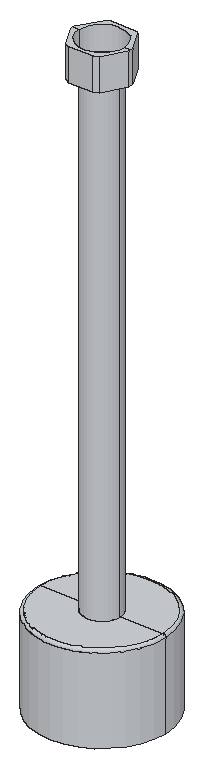
Revit family "Urinal-Pipes-KOHLER-Exposed-K-2384T_1", category Plumbing Fixtures, host Face, Revit 2021
Family settings
  Host = Face
  Round Connector Dimension = Use Diameter
  Part Type = Normal
  OmniClass Number = 23.31.25.00
  OmniClass Title = Toilet and Bath Specialties
  Cut with Voids When Loaded = No
  Shared = No
  Room Calculation Point = No
Parameters (values of type "CP-Polished Chrome")
  Width = 2 73/256"  # constant formula
  WaterSense Certified = 1 = 0  # no
  Waste Water Outlet = "Waste Water Outlet"  # constant formula
  Waste Connection = 1 = 0  # no
  Vent Connection = 1 = 0  # no
  URL = "http://www.kohler.com.cn/"
  Type = 1
  Rough-In = 0"
  Product Page URL = ""
  Product Name = "Exposed"  # constant formula
  Product Documentation Link = ""
  Pressure = 0.00 psi
  Model = "K-2348T-NA"  # constant formula
  Material = "Premium Metal Construction"  # constant formula
  Master Format 2014 Name = "Residential Urinals"  # constant formula
  Master Format 2014 = "22 41 13.16"  # constant formula
  Manufacturer Address = "444 Highland Dr, Kohler, WI 53044"  # constant formula
  Manufacturer = "Kohler Co."  # constant formula
  Length = 2 73/256"  # constant formula
  Hot Water Inlet = "Hot Water Inlet"  # constant formula
  Height = 10 183/256"  # constant formula
  HW Connection = 1 = 0  # no
  Flush Rate- LPF = "LPF"  # constant formula
  Flush Rate- GPF = "GPF"  # constant formula
  Flow Rate = 0 GPM
  Finish = Kohler-Metal-CP-Polished_Chrome
  Environmental Product Declaration = ""
  Description = "Urinal Sensor Unbent Pipe"  # constant formula
  Default Elevation = 36"
  Declare Label = ""
  Date Modified = "04/13/2023"  # constant formula
  Date Created = "04/13/2023"  # constant formula
  Copyright = "Copyright Kohler Co."  # constant formula
  Contact Us = "http://www.kohler.com.cn/contact/contact-us/"
  Cold Water Outlet = "Cold Water Outlet"  # constant formula
  Cold Water Inlet = "Cold Water Inlet"  # constant formula
  CW Connection = 1 = 1  # yes
  Assembly Code = "D2010200"
  ADA Compliant = 1 = 0  # no
Reference planes (in)
  plane 1 "Center (Front/Back)": y = 0
  plane 2: z = 0
  plane 3 "Center (Left/Right)": x = 0
  plane 4: x = 1.14173
  plane 5: x = -1.14342
  plane 6: y = -1.14173
  plane 7: y = 1.14342
  plane 8: x = -0.31496
  plane 9: x = 0.31496
  plane 10: z = 10.71484
Dimensions and locks (in)
  plane 10 to level = 10 183/256"
  "Length": plane 5 to plane 4
  "Width": plane 6 to plane 7
  "Height": level to plane 10
  aligned and locked: plane 2 to host face
  aligned and locked: level to host face
  aligned and locked: plane 1 "Center (Front/Back)" to nested 1
  aligned and locked: plane 3 "Center (Left/Right)" to nested 1
Automatic sketch dimensions
  host sketch curve to host sketch curve = 96"  (x2)
Nested families (in)
  nested 1: "K-2384T" at (0, 0, 0), type "K-2384T"
Connectors (in)
  piping at (0, 0, 0), diameter 0.5, driven by "CW Connection", driven by "Cold Water Outlet"
    settings: on nested 1, index 1, connector inside diameter 24", connector length 0", flow factor 0, pipe flow 0 GPM, pressure drop 0.00 psi, fitting loss kfactor 0, connector angle 0.00°, fixture units 0, engagement length 0", angle of deflection 0.00°, flow configuration 0, flow direction 2, fitting loss method 0, system type 20, joint type 0, gender type 0, connector reference index -1, connector utility 1, adjustable connector no, is connector primary yes, connector description "Cold Water Outlet"
Definition of nested family "K-2384T"
  Parameters
    Material = none
    Default Elevation = 0"
  Reference planes (in)
    plane 1 "Center (Front/Back)": y = 0
    plane 2: z = 0
    plane 3 "Center (Left/Right)": x = 0
    plane 4: x = -1.14173
    plane 5: x = 1.14173
    plane 6: y = 1.14173
    plane 7: y = -1.14173
    plane 8: x = -0.31496
    plane 9: x = 0.31496
    plane 10: z = 1.5748
    plane 11: z = 10.71654
  Forms (in)
    Revolve 1, solid, material <- "Material", detail levels medium+fine
      sketch origin (0, 0, 0) x (1, 0, 0) y (0, 0, 1)
        loop
          line (0, 0) -> (0, 1.5748) -> (-1.09127, 1.5748)
          arc (-1.09127, 1.5748) -> (-1.12695, 1.56002) -> (-1.14173, 1.52434) r 0.05047
          line (-1.14173, 1.52434) -> (-1.14173, 0) -> (0, 0)
        axis (0, 0) -> (0, 1.5748)
      angle from 0 to 360
    Revolve 2, solid, material <- "Material", detail levels medium+fine
      sketch origin (0, 0, 0) x (1, 0, 0) y (0, 0, 1)
        loop
          line (-0.31496, 1.33029) -> (0, 1.33029) -> (0, 10.33433) -> (-0.31496, 10.33433) -> (-0.31496, 1.33029)
        axis (0, 1.33029) -> (0, 10.33433)
      angle from 0 to 360
    Revolve 3, solid, material <- "Material", detail levels medium+fine
      sketch origin (0, 0, 0) x (1, 0, 0) y (0, 0, 1)
        loop
          line (0, 10.14567) -> (0, 10.24661) -> (-0.40551, 10.24661) -> (-0.40551, 10.71654) -> (-0.59873, 10.71654) -> (-0.59873, 10.14567) -> (0, 10.14567)
        axis (0, 10.14567) -> (0, 10.71654)
      angle from 0 to 360
    Extrusion 4, void
      sketch origin (0, 0, 0) x (1, 0, 0) y (0, 1, 0)
        loop
          arc (-0.2165, 0.47244) -> (-0.26, 0.45034) -> (-0.3009, 0.42371) r 0.45636
          line (-0.3009, 0.42371) -> (-0.5174, 0.04873)
          arc (-0.5174, 0.04873) -> (-0.51969, 0) -> (-0.5174, -0.04873) r 0.51969
          line (-0.5174, -0.04873) -> (-0.3009, -0.42371)
          arc (-0.3009, -0.42371) -> (-0.25991, -0.45018) -> (-0.2165, -0.47244) r 0.49052
          line (-0.2165, -0.47244) -> (0.2165, -0.47244)
          arc (0.2165, -0.47244) -> (0.25981, -0.45001) -> (0.3009, -0.42371) r 0.5332
          line (0.3009, -0.42371) -> (0.5174, -0.04873)
          arc (0.5174, -0.04873) -> (0.51977, 0) -> (0.5174, 0.04873) r 0.50082
          line (0.5174, 0.04873) -> (0.3009, 0.42371)
          arc (0.3009, 0.42371) -> (0.26001, 0.45035) -> (0.2165, 0.47244) r 0.45289
          line (0.2165, 0.47244) -> (-0.2165, 0.47244)
        loop
          circle (0, 0) r 0.69376
      from 9.90489 to 10.81281
    Revolve 5, void
      sketch origin (0, 0, 0) x (1, 0, 0) y (0, 0, 1)
        loop
          line (0, 1.45702) -> (0, 1.60325) -> (-0.3485, 1.60325)
          arc (-0.3485, 1.60325) -> (-0.32389, 1.57663) -> (-0.31496, 1.54149) r 0.07364
          line (-0.31496, 1.54149) -> (-0.31496, 1.45702) -> (0, 1.45702)
        axis (0, 1.45702) -> (0, 1.60325)
      angle from 0 to 360
    Revolve 6, solid, material <- "Material", detail levels coarse
      sketch origin (0, 0, 0) x (1, 0, 0) y (0, 0, 1)
        loop
          line (-1.14173, 0) -> (0, 0) -> (0, 1.5748) -> (-1.14173, 1.5748) -> (-1.14173, 0)
        axis (0, 0) -> (0, 1.5748)
      angle from 0 to 360
    Revolve 7, solid, material <- "Material", detail levels coarse
      sketch origin (0, 0, 0) x (1, 0, 0) y (0, 0, 1)
        loop
          line (-0.31496, 1.5748) -> (0, 1.5748) -> (0, 10.71654) -> (-0.51969, 10.71654) -> (-0.51969, 10.14567) -> (-0.31496, 10.14567) -> (-0.31496, 1.5748)
        axis (0, 1.5748) -> (0, 10.71654)
      angle from 0 to 360
    Extrusion 8, solid, material <- "Material", detail levels medium+fine
      sketch origin (0, 0, 0) x (1, 0, 0) y (0, 1, 0)
        loop
          circle (0, 0) r 0.03937
      from 0 to 0.04506
  Cuts and joins
    Revolve 5 cuts Revolve 1
    Extrusion 4 cuts Revolve 3
    joined: Revolve 1, Revolve 2, Revolve 3
    joined: Revolve 6, Revolve 7
  Lines and regions (in)
    Masking region 1
      outline origin (0, 0, 0) x (1, 0, 0) y (0, 1, 0)
        loop
          circle (0, 0) r 1.14173
    Masking region 2
      outline origin (0, 0, 0) x (1, 0, 0) y (0, 0, 1)
        loop
          line (-0.51969, 10.14567) -> (-0.31496, 10.14567) -> (-0.31496, 1.5748) -> (-1.09276, 1.5748)
          arc (-1.09276, 1.5748) -> (-1.12739, 1.56046) -> (-1.14173, 1.52583) r 0.04897
          line (-1.14173, 1.52583) -> (-1.14173, 0) -> (1.14173, 0) -> (1.14173, 1.52367)
          arc (1.14173, 1.52367) -> (1.12676, 1.55983) -> (1.0906, 1.5748) r 0.05113
          line (1.0906, 1.5748) -> (0.31496, 1.5748) -> (0.31496, 10.14567) -> (0.51969, 10.14567) -> (0.51969, 10.71654) -> (-0.51969, 10.71654) -> (-0.51969, 10.14567)
    Masking region 3
      outline origin (0, 0, 0) x (0, 1, 0) y (0, 0, 1)
        loop
          line (0.47244, 10.71654) -> (-0.47244, 10.71654) -> (-0.47244, 10.14567) -> (-0.32283, 10.14567) -> (-0.32283, 1.5748) -> (-1.08852, 1.5748)
          arc (-1.08852, 1.5748) -> (-1.12615, 1.55922) -> (-1.14173, 1.52159) r 0.05321
          line (-1.14173, 1.52159) -> (-1.14173, 0) -> (1.14173, 0) -> (1.14173, 1.52507)
          arc (1.14173, 1.52507) -> (1.12717, 1.56024) -> (1.092, 1.5748) r 0.04973
          line (1.092, 1.5748) -> (0.31525, 1.5748) -> (0.31525, 10.14567) -> (0.47244, 10.14567) -> (0.47244, 10.71654)
    symbolic lines, detail levels medium+fine
      curve 1: circle (0, 0, 0) r 1.0875 normal (0, 0, 1)
      curve 2: line (-0.2165, 0.47244, 0) -> (0.2165, 0.47244, 0)
      curve 3: arc (-0.3009, 0.42371, 0) -> (-0.26, 0.45034, 0) -> (-0.2165, 0.47244, 0) r 0.45636
      curve 4: line (-0.5174, 0.04873, 0) -> (-0.3009, 0.42371, 0)
      curve 5: arc (-0.5174, -0.04873, 0) -> (-0.51969, 0, 0) -> (-0.5174, 0.04873, 0) r 0.51969
      curve 6: line (-0.3009, -0.42371, 0) -> (-0.5174, -0.04873, 0)
      curve 7: arc (-0.2165, -0.47244, 0) -> (-0.25991, -0.45018, 0) -> (-0.3009, -0.42371, 0) r 0.49052
      curve 8: line (0.2165, -0.47244, 0) -> (-0.2165, -0.47244, 0)
      curve 9: arc (0.3009, -0.42371, 0) -> (0.25981, -0.45001, 0) -> (0.2165, -0.47244, 0) r 0.5332
      curve 10: line (0.5174, -0.04873, 0) -> (0.3009, -0.42371, 0)
      curve 11: arc (0.5174, 0.04873, 0) -> (0.51977, 0, 0) -> (0.5174, -0.04873, 0) r 0.50082
      curve 12: line (0.3009, 0.42371, 0) -> (0.5174, 0.04873, 0)
      curve 13: arc (0.2165, 0.47244, 0) -> (0.26001, 0.45035, 0) -> (0.3009, 0.42371, 0) r 0.45289
      curve 14: circle (0, 0, 0) r 0.47244 normal (0, 0, 1)
      curve 15: circle (0, 0, 0) r 0.40551 normal (0, 0, 1)
      curve 16: circle (0, 0, 0) r 0.36797 normal (0, 0, 1)
      curve 17: circle (0, 0, 0) r 0.19685 normal (0, 0, 1)
      curve 18: line (-0.31496, 0, 10.14567) -> (0.31496, 0, 10.14567)
      curve 19: line (-0.31496, 0, 1.5748) -> (0.31496, 0, 1.5748)
      curve 20: line (-1.14173, 0, 1.52583) -> (1.14173, 0, 1.52367)
      curve 21: arc (-0.51969, 0, 10.68801) -> (-0.41045, 0, 10.71653) -> (-0.3009, 0, 10.68926) r 0.22844
      curve 22: arc (-0.2165, 0, 10.68926) -> (0, 0, 10.71654) -> (0.2165, 0, 10.68926) r 0.87284
      curve 23: arc (0.3009, 0, 10.68926) -> (0.41045, 0, 10.71653) -> (0.51969, 0, 10.68801) r 0.22844
      curve 24: arc (-0.3009, 0, 10.17295) -> (-0.41045, 0, 10.14567) -> (-0.51969, 0, 10.17419) r 0.22844
      curve 25: arc (-0.2165, 0, 10.17295) -> (0, 0, 10.14567) -> (0.2165, 0, 10.17295) r 0.87284
      curve 26: arc (0.3009, 0, 10.17295) -> (0.41045, 0, 10.14567) -> (0.51969, 0, 10.17419) r 0.22844
      curve 27: line (-0.3009, 0, 10.17295) -> (-0.2165, 0, 10.17295)
      curve 28: line (0.2165, 0, 10.17295) -> (0.3009, 0, 10.17295)
      curve 29: line (-0.3009, 0, 10.17295) -> (-0.3009, 0, 10.68926)
      curve 30: line (-0.2165, 0, 10.68926) -> (-0.2165, 0, 10.17295)
      curve 31: line (0.2165, 0, 10.68926) -> (0.2165, 0, 10.17295)
      curve 32: line (0.3009, 0, 10.68926) -> (0.3009, 0, 10.17295)
      curve 33: line (-0.3009, 0, 10.68926) -> (-0.2165, 0, 10.68926)
      curve 34: line (0.2165, 0, 10.68926) -> (0.3009, 0, 10.68926)
      curve 35: line (0, 0.31525, 10.14567) -> (0, -0.32283, 10.14567)
      curve 36: line (0, 0.31525, 1.5748) -> (0, -0.32283, 1.5748)
      curve 37: line (0, 1.14173, 1.52507) -> (0, -1.14173, 1.52507)
      curve 38: line (0, 0.47244, 10.68926) -> (0, 0.42371, 10.68926)
      curve 39: line (0, 0.42371, 10.68926) -> (0, 0.42371, 10.17295)
      curve 40: line (0, 0.42371, 10.17295) -> (0, 0.47244, 10.17295)
      curve 41: line (0, 0.04873, 10.68926) -> (0, -0.04873, 10.68926)
      curve 42: line (0, -0.04873, 10.68926) -> (0, -0.04873, 10.17295)
      curve 43: line (0, -0.04873, 10.17295) -> (0, 0.04873, 10.17295)
      curve 44: line (0, 0.04873, 10.17295) -> (0, 0.04873, 10.68926)
      curve 45: line (0, -0.42371, 10.68926) -> (0, -0.47244, 10.68926)
      curve 46: line (0, -0.42371, 10.68926) -> (0, -0.42371, 10.17295)
      curve 47: line (0, -0.42371, 10.17295) -> (0, -0.47244, 10.17295)
      curve 48: arc (0, 0.42371, 10.68926) -> (0, 0.23622, 10.71654) -> (0, 0.04873, 10.68926) r 0.65804
      curve 49: arc (0, 0.42371, 10.17295) -> (0, 0.23622, 10.14567) -> (0, 0.04873, 10.17295) r 0.65804
      curve 50: arc (0, -0.04873, 10.17295) -> (0, -0.23622, 10.14567) -> (0, -0.42371, 10.17295) r 0.65804
      curve 51: arc (0, -0.04873, 10.68926) -> (0, -0.23622, 10.71654) -> (0, -0.42371, 10.68926) r 0.65804
  Dimensions and locks (in)
    plane 11 to level = 10.71654"  (x2)
    plane 10 to level = 1.5748"
    plane 4 to plane 5 = 2.28346"
    plane 6 to plane 7 = 2.28346"
    aligned and locked: plane 2 to level
